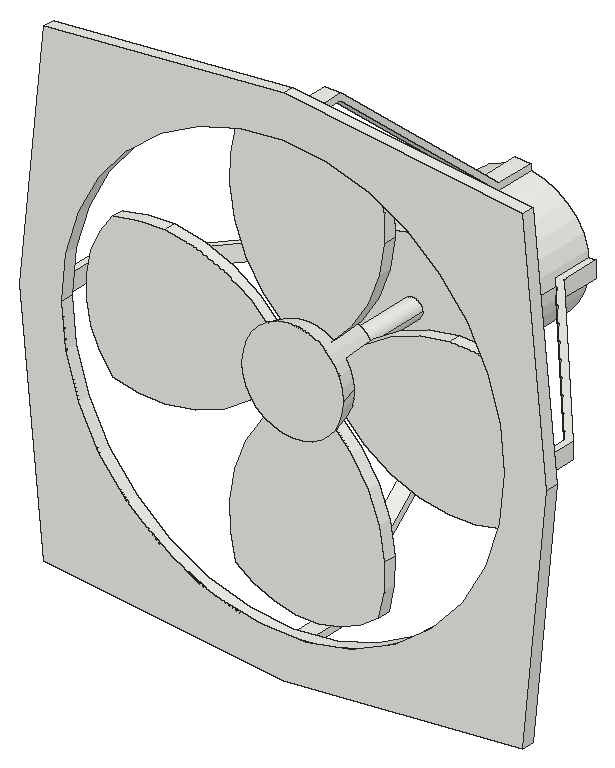
Revit family
Parameters (values of type "440 x 440 mm")
  Material of Fan = Fan Material
Types (2, lengths in mm): name | Material of Fan
  Type 1 | none
  440 x 440 mm | Fan Material
Reference planes
  plane 1: y = 0
  plane 2 "Back": y = 75
  plane 3 "wall plane": y = 75
  plane 4: z = 2100
  plane 5: x = -95
  plane 6: x = 345
  plane 7: z = 2540
Forms (mm)
  Extrusion 1, solid, material "Fan Material" <- "Material of Fan"
    sketch origin (0, 75, 20) x (-1, 0, 0) y (0, 0, 1)
      loop
        line (-125, 2520) -> (-325, 2500) -> (-345, 2300) -> (-325, 2100) -> (-125, 2080) -> (75, 2100) -> (95, 2300) -> (75, 2500) -> (-125, 2520)
      loop
        circle (-125, 2300) r 185.154
    from 0 to 10
  Extrusion 2, solid, material "Fan Material" <- "Material of Fan"
    sketch origin (0, 75, 0) x (-1, 0, 0) y (0, 0, 1)
      loop
        arc (-144.155, 2349.293) -> (-125, 2355) -> (-105.845, 2349.293) r 35
        arc (-105.845, 2349.293) -> (-73.599, 2389.439) -> (-60.073, 2439.124) r 126.201
        arc (-60.073, 2439.124) -> (-60.657, 2461.042) -> (-65.026, 2482.528) r 126.201
        arc (-65.026, 2482.528) -> (-125, 2505.154) -> (-184.974, 2482.528) r 90.799
        arc (-184.974, 2482.528) -> (-189.343, 2461.042) -> (-189.927, 2439.124) r 126.201
        arc (-189.927, 2439.124) -> (-176.401, 2389.439) -> (-144.155, 2349.293) r 126.201
      loop
        arc (-144.155, 2290.707) -> (-176.401, 2250.561) -> (-189.927, 2200.876) r 126.201
        arc (-189.927, 2200.876) -> (-189.343, 2178.958) -> (-184.974, 2157.472) r 126.201
        arc (-184.974, 2157.472) -> (-125, 2134.846) -> (-65.026, 2157.472) r 90.799
        arc (-65.026, 2157.472) -> (-60.657, 2178.958) -> (-60.073, 2200.876) r 126.201
        arc (-60.073, 2200.876) -> (-73.599, 2250.561) -> (-105.845, 2290.707) r 126.201
        arc (-105.845, 2290.707) -> (-125, 2285) -> (-144.155, 2290.707) r 35
      loop
        arc (-95.707, 2300.845) -> (-55.561, 2268.599) -> (-5.876, 2255.073) r 126.201
        arc (-5.876, 2255.073) -> (16.042, 2255.657) -> (37.528, 2260.026) r 126.201
        arc (37.528, 2260.026) -> (60.154, 2320) -> (37.528, 2379.974) r 90.799
        arc (37.528, 2379.974) -> (16.042, 2384.343) -> (-5.876, 2384.927) r 126.201
        arc (-5.876, 2384.927) -> (-55.561, 2371.401) -> (-95.707, 2339.155) r 126.201
        arc (-95.707, 2339.155) -> (-90, 2320) -> (-95.707, 2300.845) r 35
      loop
        arc (-154.293, 2300.845) -> (-160, 2320) -> (-154.293, 2339.155) r 35
        arc (-154.293, 2339.155) -> (-194.439, 2371.401) -> (-244.124, 2384.927) r 126.201
        arc (-244.124, 2384.927) -> (-266.042, 2384.343) -> (-287.528, 2379.974) r 126.201
        arc (-287.528, 2379.974) -> (-310.154, 2320) -> (-287.528, 2260.026) r 90.799
        arc (-287.528, 2260.026) -> (-266.042, 2255.657) -> (-244.124, 2255.073) r 126.201
        arc (-244.124, 2255.073) -> (-194.439, 2268.599) -> (-154.293, 2300.845) r 126.201
    from 25 to 35
  Blend 3, solid, material "Fan Material" <- "Material of Fan"
    base sketch origin (0, 75, 0) x (-1, 0, 0) y (0, 0, 1)
      loop
        circle (-125, 2320) r 42.5
    top sketch origin (0, 75, 0) x (-1, 0, 0) y (0, 0, 1)
      loop
        circle (-125, 2320) r 30
    from 10 to 60
  Extrusion 4, solid, material "Fan Material" <- "Material of Fan"
    sketch origin (0, 75, 0) x (-1, 0, 0) y (0, 0, 1)
      loop
        circle (-125, 2320) r 8.128
    from 60 to 135
  Extrusion 5, solid, material "Fan Material" <- "Material of Fan"
    sketch origin (0, 75, 0) x (-1, 0, 0) y (0, 0, 1)
      loop
        circle (-125, 2320) r 55.29
    from 135 to 250
  Extrusion 6, solid, material "Fan Material" <- "Material of Fan"
    sketch origin (125, 0, 0) x (0, 1, 0) y (0, 0, 1)
      loop
        line (85, 2520) -> (85, 2514.601) -> (125, 2514.601) -> (290, 2374.887) -> (325, 2374.887) -> (325, 2380.185) -> (291.481, 2380.185) -> (126.361, 2520) -> (85, 2520)
    from -7 to 7
  Extrusion 7, solid, material "Fan Material" <- "Material of Fan"
    sketch origin (125, 0, 4640) x (0, 1, 0) y (0, 0, 1)
      loop
        line (85, -2520) -> (126.361, -2520) -> (291.481, -2380.185) -> (325, -2380.185) -> (325, -2374.887) -> (290, -2374.887) -> (125, -2514.601) -> (85, -2514.601) -> (85, -2520)
    from -7 to 7
  Extrusion 8, solid, material "Fan Material" <- "Material of Fan"
    sketch origin (0, 0, 2100) x (0, 1, 0) y (1, 0, 0)
      loop
        line (85, -70.004) -> (85, -75.403) -> (126.361, -75.403) -> (291.481, 64.412) -> (325, 64.412) -> (325, 69.71) -> (290, 69.71) -> (125, -70.004) -> (85, -70.004)
      loop
        line (85, 320.004) -> (125, 320.004) -> (290, 180.29) -> (325, 180.29) -> (325, 185.588) -> (291.481, 185.588) -> (126.837, 325) -> (85, 325) -> (85, 320.004)
    from -212.821 to -226.903
Lines and regions (mm)
  Opening 1
    outline origin (-5000, -75, 0) x (1, 0, 0) y (0, 0, 1)
      loop
        line (5325, 2120) -> (5325, 2520) -> (4925, 2520) -> (4925, 2120) -> (5325, 2120)
Text (mm)
  text "Placement side" at (-1867.185, 1116.779, 0), in view "Ref. Level"
  text "Placement side" at (0, 1270.507, 3001.832), in view "Left"
  text "Placement side" at (0, 530.812, 2999.686), in view "Right"
Dimensions and locks
  locked: plane 2 "Back" to host wall
  locked: level to plane 4 at 2100
  locked: plane 5 to plane 6 at 440
  locked: plane 4 to plane 7 at 440
  aligned and locked: plane 1 to host wall
  aligned and locked: host wall to plane 3 "wall plane"
  aligned and locked: Extrusion 1 to host wall
  aligned and locked: plane 4 to Extrusion 1
  aligned and locked: Blend 3 to Extrusion 1
  aligned and locked: Extrusion 4 to Blend 3
  aligned and locked: Extrusion 5 to Extrusion 4
  aligned and locked: Extrusion 6 to Extrusion 1
  aligned and locked: Extrusion 7 to Extrusion 1
  aligned and locked: Extrusion 8 to Extrusion 1
  aligned and locked: plane 5 to Extrusion 1
  aligned and locked: plane 6 to Extrusion 1
  aligned and locked: plane 7 to Extrusion 1
